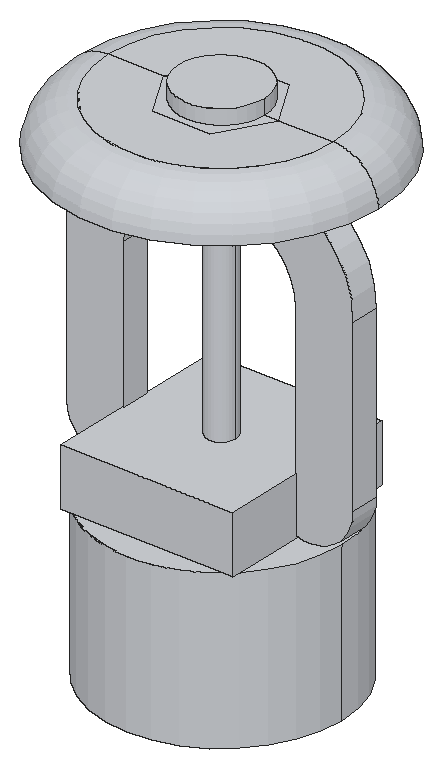
Revit family
Parameters (values of type "RASCO F1FR-300 UPRIGHT")
  Temperature Rating = 200 °F
  Response = 1
  RASCO SIN # = "R5622"
  RASCO Part # = "F1FRU2LW3"
  Pressure Rating = "300 PSI"
  Pressure Class = (empty or 0)
  Orifice Size = 17/32"
  Orifice = (empty or 0)
  Model = "F1FR-300"
  Manufacturer = "RASCO"
  K-Factor = 8
  Description = "White Finish"
  Coverage = (empty or 0)
Reference planes (in)
  plane 1 "Center (Front/Back)": y = 0
  plane 2: z = 0
  plane 3 "Center (Left/Right)": x = 0
Dimensions and locks (in)
  aligned and locked: plane 2 to level
Nested families (in)
  nested 1: "F1FRU2LW3" at (-0.1701, 0.03487, 0), type "RASCO F1FR-300 UPRIGHT"
Connectors (in)
  piping at (-0.1701, 0.03487, 0)
    settings: on nested 1, index 1, connector radius 1/2", flow factor 0, pipe flow 0 GPM, pressure drop 0.00 psi, fitting loss kfactor 0, connector angle 0.00°, fixture units 0, flow configuration 0, flow direction 0, fitting loss method 0, system type 7, connector reference index -1, connector utility 0, adjustable connector no, is connector primary yes, fitting loss table "", connector description ""
Definition of nested family "F1FRU2LW3"
  Parameters (values of type "RASCO F1FR-300 UPRIGHT")
    Type Comments = ""
    Temperature Rating = 0 °F
    Response = (empty or 0)
    Pressure Rating = "0"
    Pressure Class = (empty or 0)
    Orifice Size = 0"
    Orifice = (empty or 0)
    Model = ""
    Manufacturer = ""
    K-Factor = 0
    Description = ""
    Coverage = (empty or 0)
    Assembly Code = ""
  Reference planes (in)
    plane 1 "Center (Front/Back)": y = 0
    plane 2: z = 0
    plane 3 "ref.2": z = 0.6875
    plane 4 "ref.3": z = 0.9375
    plane 5: x = -0.38065
    plane 6: x = 0.36935
    plane 7 "ref. side 1": y = 0.06402
    plane 8 "ref. side 2": y = -0.06098
    plane 9 "ref.4": z = 1.875
    plane 10 "ref.5": z = 2.3125
    plane 11 "ref.6": z = 2.4375
  Forms (in)
    Extrusion 1, solid
      sketch origin (0, 0, 0) x (1, 0, 0) y (0, 1, 0)
        loop
          circle (0, 0) r 0.5221
      from 0 to 0.6875
    Extrusion 2, solid
      sketch origin (-0.12185, 0.05177, 0.6875) x (1, 0, 0) y (0, 1, 0)
        loop
          line (-0.2588, 0.356) -> (-0.2588, -0.4565) -> (0.4912, -0.4565) -> (0.4912, 0.356) -> (-0.2588, 0.356)
      from 0 to 0.25
    Extrusion 3, solid
      sketch origin (0, 0, 0) x (1, 0, 0) y (0, 0, 1)
        loop
          line (-0.38065, 0.69674) -> (-0.38065, 1.58397)
          arc (-0.38065, 1.58397) -> (-0.29541, 1.78976) -> (-0.08962, 1.875) r 0.29103
          line (-0.08962, 1.875) -> (0.07524, 1.875)
          arc (0.07524, 1.875) -> (0.28321, 1.78886) -> (0.36935, 1.58089) r 0.29411
          line (0.36935, 1.58089) -> (0.36935, 0.69728)
          arc (0.36935, 0.69728) -> (0.54046, 0.72329) -> (0.61935, 0.87734) r 0.18984
          line (0.61935, 0.87734) -> (0.61935, 1.61676)
          arc (0.61935, 1.61676) -> (0.48879, 1.93194) -> (0.17361, 2.0625) r 0.44574
          line (0.17361, 2.0625) -> (-0.18509, 2.0625)
          arc (-0.18509, 2.0625) -> (-0.50015, 1.932) -> (-0.63065, 1.61694) r 0.44556
          line (-0.63065, 1.61694) -> (-0.63065, 0.87876)
          arc (-0.63065, 0.87876) -> (-0.55196, 0.72414) -> (-0.38065, 0.69674) r 0.19126
      from -0.06402 to 0.06098
    Extrusion 4, solid
      sketch origin (0, 0, 0.9375) x (-1, 0, 0) y (0, -1, 0)
        loop
          circle (0.00574, -0.00152) r 0.0625
      from 0 to 0.9375
    Extrusion 5, solid
      sketch origin (0, 0, 1.875) x (-1, 0, 0) y (0, -1, 0)
        loop
          circle (0.00574, -0.00152) r 0.1875
      from 0 to 0.4375
    Revolve 6, solid
      sketch origin (0, 0, -0.2777) x (1, 0, 0) y (0, 0, 1)
        loop
          line (-0.19324, 2.33367) -> (-0.19324, 2.52696) -> (-0.25733, 2.52696) -> (-0.49638, 2.52696)
          arc (-0.49638, 2.52696) -> (-0.63432, 2.47056) -> (-0.69321, 2.33367) r 0.19686
          line (-0.69321, 2.33367) -> (-0.19324, 2.33367)
        axis (-0.00574, 2.33367) -> (-0.00574, 2.52696)
      angle from 0 to 360
  Cuts and joins
    joined: Extrusion 1, Extrusion 2, Extrusion 4, Revolve 6
  Lines and regions (in)
    model lines
      curve 1: line (-0.00574, 0.06402, 1.875) -> (-0.00574, -0.06098, 1.875)
  Dimensions and locks (in)
    Extrusion 3 to Extrusion 3 = 0' - 1 1/4"
    Extrusion 5 to cut or joined group of Extrusion 1, Extrusion 2, Extrusion 4, Revolve 6 = 0' - 2 5/16"
